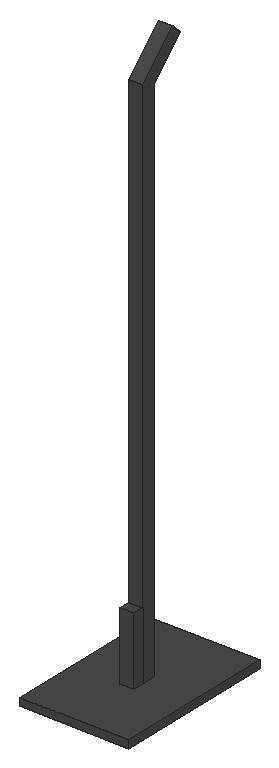
Revit family "REEDEN 3W_LZ68G14WW", category Luminarias, Revit 2019
Family settings
  Cota de conector redondo = Diámetro de uso
  Tipo de pieza = Normal
  Se basa en plano de trabajo = Sí
  Siempre vertical = No
  Corte con vacíos al cargar = No
  Origen de luz = Sí
  Compartido = No
  Punto de cálculo de habitación = No
Parameters (values of type "REEDEN 3W_LZ68G14WW")
  Ángulo de inclinación = 90.00°
  Ángulo de enfoque = 30.00°
  Ángulo de campo de foco = 90.00°
  Zone [instance] = ""
  Watt per fixture = 4
  Wattage = 4 W
  built-in parameter 1150107 = 3000 (stored number, unit not read)
  built-in parameter 1150110 = 1 (stored number, unit not read)
  built-in parameter 1150109 = 1 (stored number, unit not read)
  built-in parameter 1150112 = 1 (stored number, unit not read)
  built-in parameter 1150113 = 1 (stored number, unit not read)
  built-in parameter 1114218 = 1 (stored number, unit not read)
  Keynote = ""
  built-in parameter 1150137 = (empty or 0)
  built-in parameter 1150132 = (empty or 0)
  Modelo = "LZ68G14WW"
  Lámpara = "CITIZEN"
  Longitud de símbolo de origen de luz = 100 mm
  built-in parameter 1150105 = 678.74 (stored number, unit not read)
  built-in parameter 1150102 = (empty or 0)
  built-in parameter 1150106 = 6.7874 (stored number, unit not read)
  Lumens = 203 lm
  Color Filter = 16777215
  built-in parameter 1114217 = 1 (stored number, unit not read)
  built-in parameter 1150139 = (empty or 0)
  Fabricante = "BRILLANT"
  Default Elevation = 0 mm
  built-in parameter 1150104 = 4.7148 (stored number, unit not read)
  Descripción = "LUMINARIA DE PIE DISPONIBLE A UNA ALTURA DE 400MM CON CUERPO DE ALUMINIO Y VIDRIO, IP 54 USO PARA INTERIORES CON UN PESO DE 1.1KG, CUENTA CON 1 LED CITIZEN CON UNA POTENCIA TOTAL DE 4W, A UNA TEMPERATURA EN BLANCO CALIDO 3000K CON 203 LUMENES, EFICIENCIA DE 50.75LM/W, IRC 80, APERTURA A 120 GRADOS EN STOCK, 0.05mA EN CORRIENTE DE OPERACIÓN, ALIMENTADA A 90-240V."
  built-in parameter 1150115 = 1 (stored number, unit not read)
  built-in parameter 1150114 = 1 (stored number, unit not read)
  Comentarios de vataje = "90-240V"
  built-in parameter 1150138 = (empty or 0)
  built-in parameter 1150134 = (empty or 0)
  Circuit [instance] = ""
  Dimming Lamp Color Temperature Shift = (empty or 0)
  built-in parameter 1150133 = 10 (stored number, unit not read)
Reference planes
  plane 1 "Centro (Frontal/Posterior)": y = 0
  plane 2: z = 0
  plane 3 "Centro (Izquierda/Derecha)": x = 0
  plane 4: z = 400
  plane 5: through (0, -3.524, 400) normal (0, 0.7071, -0.7071)
  plane 6: through (0, 24.778, 414.161) normal (0, 0.7071, 0.7071)
  plane 7: through (0, 9.775, 399.157) normal (0, 0.7071, 0.7071)
Forms (mm)
  Extrusion 1, solid, material "Plastico"
    sketch origin (0, 0, 0) x (1, 0, 0) y (0, 1, 0)
      loop
        line (-40, 60) -> (-40, -60) -> (40, -60) -> (40, 60) -> (-40, 60)
    from 0 to 5.401
  Extrusion 2, solid, material "Plastico"
    sketch origin (0, 0, 0) x (0, 1, 0) y (0, 0, 1)
      loop
        line (-3.524, 5.401) -> (6.476, 5.401) -> (6.476, 395.858) -> (30.788, 420.17) -> (23.716, 427.241) -> (-3.524, 400) -> (-3.524, 5.401)
    from -5 to 5
  Extrusion 3, void
    sketch origin (0, 281.81, 111.365) x (1, 0, 0) y (0, 0.707107, 0.707107)
      loop
        arc (-0.664, 32.367) -> (-1.327, 32.092) -> (-1.602, 31.429) r 0.938
        line (-1.602, 31.429) -> (-1.602, 12.08)
        arc (-1.602, 12.08) -> (-1.327, 11.417) -> (-0.664, 11.142) r 0.938
        line (-0.664, 11.142) -> (0.664, 11.142)
        arc (0.664, 11.142) -> (1.327, 11.417) -> (1.602, 12.08) r 0.938
        line (1.602, 12.08) -> (1.602, 31.429)
        arc (1.602, 31.429) -> (1.327, 32.092) -> (0.664, 32.367) r 0.938
        line (0.664, 32.367) -> (-0.664, 32.367)
    from 395.858 to 398.056
  Extrusion 4, solid, material "Glass"
    sketch origin (0, 281.81, 111.365) x (1, 0, 0) y (0, 0.707107, 0.707107)
      loop
        arc (-0.664, 32.367) -> (-1.327, 32.092) -> (-1.602, 31.429) r 0.938
        line (-1.602, 31.429) -> (-1.602, 12.08)
        arc (-1.602, 12.08) -> (-1.327, 11.417) -> (-0.664, 11.142) r 0.938
        line (-0.664, 11.142) -> (0.664, 11.142)
        arc (0.664, 11.142) -> (1.327, 11.417) -> (1.602, 12.08) r 0.938
        line (1.602, 12.08) -> (1.602, 31.429)
        arc (1.602, 31.429) -> (1.327, 32.092) -> (0.664, 32.367) r 0.938
        line (0.664, 32.367) -> (-0.664, 32.367)
    from 395.858 to 397.775
  Extrusion 5, solid, material "Plastico"
    sketch origin (0, 0, 0) x (1, 0, 0) y (0, 1, 0)
      loop
        line (-5, -3.524) -> (-5, -11.727) -> (5, -11.727) -> (5, -3.524) -> (-5, -3.524)
    from 5.401 to 55.506
Cuts and joins
  Extrusion 3 cuts Extrusion 1
  Extrusion 3 cuts Extrusion 2
Dimensions and locks
  locked: Extrusion 2 sketch curve to Extrusion 2 sketch curve at 10  (x2)
  equal spacing: Extrusion 2, plane 3 "Centro (Izquierda/Derecha)", Extrusion 2
  Extrusion 2 to plane 3 "Centro (Izquierda/Derecha)" = 5 mm
  Extrusion 2 to Extrusion 2 = 10 mm
  equal spacing: Extrusion 3 sketch curve, plane 3 "Centro (Izquierda/Derecha)", Extrusion 3 sketch curve
  locked: Extrusion 4 to Extrusion 4 at 1.917
  Extrusion 5 to cut or joined group of Extrusion 1, Extrusion 3 = 50.105 mm
  locked: cut or joined group of Extrusion 2, Extrusion 3 to cut or joined group of Extrusion 2, Extrusion 3 at 10
  cut or joined group of Extrusion 2, Extrusion 3 to plane 1 "Centro (Frontal/Posterior)" to cut or joined group of Extrusion 2, Extrusion 3 = 6.476 mm locked, 3.524 mm locked
  plane 7 to plane 6 to cut or joined group of Extrusion 2, Extrusion 3 = 21.218 mm locked, 8.498 mm locked
  plane 4 to level = 400 mm
  cut or joined group of Extrusion 1, Extrusion 3 to cut or joined group of Extrusion 1, Extrusion 3 = 80 mm
  equal spacing: cut or joined group of Extrusion 1, Extrusion 3, plane 3 "Centro (Izquierda/Derecha)", cut or joined group of Extrusion 1, Extrusion 3
  cut or joined group of Extrusion 1, Extrusion 3 to plane 3 "Centro (Izquierda/Derecha)" = 40 mm
  equal spacing: cut or joined group of Extrusion 1, Extrusion 3, plane 1 "Centro (Frontal/Posterior)", cut or joined group of Extrusion 1, Extrusion 3
  cut or joined group of Extrusion 1, Extrusion 3 to plane 1 "Centro (Frontal/Posterior)" = 60 mm
  cut or joined group of Extrusion 1, Extrusion 3 to cut or joined group of Extrusion 1, Extrusion 3 = 120 mm
  angle plane 5 to plane 4 = 45.00°
  aligned and locked: level to plane 2
  aligned and locked: Extrusion 5 to cut or joined group of Extrusion 1, Extrusion 3
  aligned and locked: cut or joined group of Extrusion 2, Extrusion 3 to Extrusion 3
  aligned and locked: cut or joined group of Extrusion 2, Extrusion 3 to Extrusion 4  (x2)
  aligned and locked: Extrusion 2 to Extrusion 5
Automatic sketch dimensions
  Extrusion 1 sketch curve to plane 3 "Centro (Izquierda/Derecha)" = 40 mm
  plane 3 "Centro (Izquierda/Derecha)" to Extrusion 1 sketch curve = 40 mm
  plane 1 "Centro (Frontal/Posterior)" to Extrusion 1 sketch curve = 60 mm
  Extrusion 1 sketch curve to plane 1 "Centro (Frontal/Posterior)" = 60 mm
  Extrusion 5 sketch curve to plane 3 "Centro (Izquierda/Derecha)" = 5 mm
  plane 3 "Centro (Izquierda/Derecha)" to Extrusion 5 sketch curve = 5 mm
  plane 1 "Centro (Frontal/Posterior)" to Extrusion 5 sketch curve = 11.727 mm
  plane 1 "Centro (Frontal/Posterior)" to Extrusion 5 sketch curve = 3.524 mm
  Extrusion 2 sketch curve to plane 4 = 0 mm
  plane 5 to Extrusion 2 sketch curve = 0 mm  (x2)
  Extrusion 2 sketch curve to plane 1 "Centro (Frontal/Posterior)" = 23.716 mm
  level to Extrusion 2 sketch curve = 5.401 mm
  Extrusion 3 sketch curve to plane 3 "Centro (Izquierda/Derecha)" = 1.602 mm
  Extrusion 3 sketch curve to plane 3 "Centro (Izquierda/Derecha)" = 0.664 mm  (x2)
  plane 3 "Centro (Izquierda/Derecha)" to Extrusion 3 sketch curve = 0.664 mm  (x2)
  Extrusion 3 sketch curve to Extrusion 3 sketch curve = 19.349 mm
  Extrusion 4 sketch curve to plane 3 "Centro (Izquierda/Derecha)" = 1.602 mm
  Extrusion 4 sketch curve to plane 3 "Centro (Izquierda/Derecha)" = 0.664 mm  (x2)
  plane 3 "Centro (Izquierda/Derecha)" to Extrusion 4 sketch curve = 0.664 mm  (x2)
  Extrusion 4 sketch curve to Extrusion 4 sketch curve = 0.938 mm
  Extrusion 4 sketch curve to Extrusion 4 sketch curve = 19.349 mm
Connectors
  electrical at (0, 0, 0)
    settings: on cut or joined group of Extrusion 1, Extrusion 3, index 1, voltage 240 V, apparent load 0 VA, apparent load phase1 0 VA, apparent load phase2 0 VA, apparent load phase3 0 VA, power factor 1, load classification "Otro", number of poles 1, system type 31, power factor state 1, is connector primary yes, connector utility no, sub classification motor no, connector description ""
